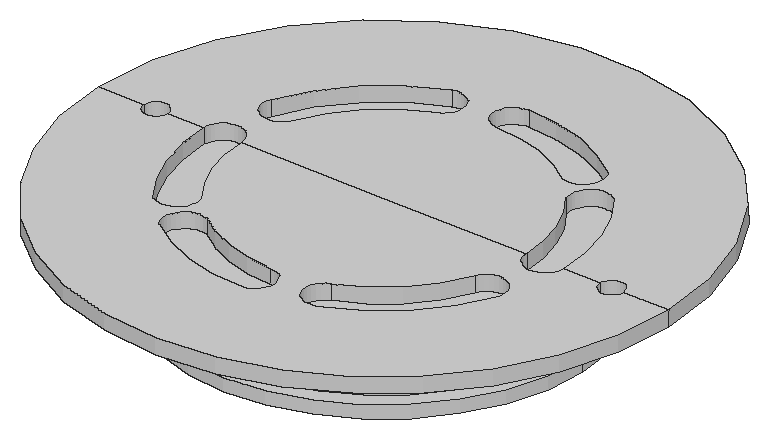
Revit family "Grate-Floor_Drain-Whitehall-BestCare-WHDG-SS_Series", category Plumbing Fixtures, Revit 2019
Family settings
  Round Connector Dimension = Use Diameter
  Part Type = Normal
  OmniClass Number = 23.70.50.21.24
  OmniClass Title = Waste Water Drains
  Work Plane-Based = Yes
  Always vertical = No
  Cut with Voids When Loaded = No
  Shared = Yes
  Room Calculation Point = No
Parameters (values of type "WHDG-5RD-SS")
  Waste Connection = no
  Vent Connection = no
  URL = "https://www.whitehallmfg.com/home"
  Type Comments = "Appropriate for Poured Finished Floors.For use in JR SMITH Floor Drains."
  Product Page URL = "https://www.whitehallmfg.com/product.aspx?ProductId=1083"
  Product Documentation Link = "https://www.whitehallmfg.com/uploads/fileLibrary/WHDG-SS.pdf"
  Model = "WHDG-5RD-SS"
  Material = "Metal-Whitehall-Stainless Steel"
  Manufacturer = "Whitehall Mfg."  # constant formula
  Keynote = "5” Round Stn Stl Floor Drain Grate Only"
  Installation Type = "Floor Mounted"
  Height = 3/4"
  HW Connection = no
  Finish = Metal-Whitehall-Stainless Steel
  Diameter = 5"
  Description = "BestCare® Ligature-Resistant Floor Drain Grate - Stainless Steel"  # constant formula
  Default Elevation = 0"
  Creation Date = "08/15/2023"  # constant formula
  CW Connection = no
  Assembly Code = "D2030300"
Types (3): name | Model | Keynote | Diameter
  (no name) | "WHDG-5RD-SS" | "5” Round Stn Stl Floor Drain Grate Only" | 5"
  WHDG-5RD-SS | "WHDG-5RD-SS" | "5” Round Stn Stl Floor Drain Grate Only" | 5"
  WHDG-6RD-SS | "WHDG-6RD-SS" | "6” Round Stn Stl Floor Drain Grate Only" | 6"
Reference planes (in)
  plane 1 "Center (Front/Back)": y = 0
  plane 2: z = 0
  plane 3 "Center (Left/Right)": x = 0
  plane 4: z = 5.90551
  plane 5: x = -2.5
  plane 6: x = 2.5
  plane 7: z = -0.75
  plane 8: x = -2
  plane 9: x = 2
Forms (in)
  Revolve 1, solid, material "Metal-Whitehall-Stainless Steel" <- "Finish"
    sketch origin (0, 0, 0) x (1, 0, 0) y (0, 0, 1)
      loop
        line (-2.5, 0) -> (-2.5, -0.13055) -> (-1.8607, -0.13055)
        arc (-1.8607, -0.13055) -> (-1.68393, -0.20377) -> (-1.6107, -0.38055) r 0.25
        line (-1.6107, -0.38055) -> (-1.6107, -0.63918) -> (-1.75, -0.63918) -> (-1.75, -0.75) -> (0, -0.75) -> (0, 0) -> (-2.5, 0)
      axis (0, 0) -> (0, -0.75)
    angle from 0 to 360
  Extrusion 2, void
    sketch origin (-0.50014, 0, 0) x (1, 0, 0) y (0, 1, 0)
      loop
        arc (1.28186, 0.97602) -> (1.47908, 1.03992) -> (1.47843, 1.24723) r 0.17587
        arc (1.47843, 1.24723) -> (1.01762, 1.49834) -> (0.50005, 1.58504) r 1.58334
        arc (0.50005, 1.58504) -> (0.33361, 1.41847) -> (0.50014, 1.25198) r 0.16653
        arc (0.50014, 1.25198) -> (0.91454, 1.1807) -> (1.28186, 0.97602) r 1.25
      loop
        arc (-0.66052, 0.46187) -> (-0.38208, 0.88587) -> (0.04192, 1.16431) r 1.25
        arc (0.04192, 1.16431) -> (0.12959, 1.37825) -> (-0.08035, 1.4751) r 0.16714
        arc (-0.08035, 1.4751) -> (-0.61596, 1.12555) -> (-0.96958, 0.59263) r 1.58333
        arc (-0.96958, 0.59263) -> (-0.8784, 0.37581) -> (-0.66052, 0.46187) r 0.16714
      loop
        arc (0.95832, -1.15697) -> (0.87226, -1.37485) -> (1.08907, -1.46603) r 0.16714
        arc (1.08907, -1.46603) -> (1.622, -1.11241) -> (1.97155, -0.5768) r 1.58333
        arc (1.97155, -0.5768) -> (1.8747, -0.36686) -> (1.66076, -0.45453) r 0.16714
        arc (1.66076, -0.45453) -> (1.38232, -0.87853) -> (0.95832, -1.15697) r 1.25
      loop
        arc (1.4691, 0.78878) -> (1.67378, 0.42146) -> (1.74506, 0.00704) r 1.25
        arc (1.74506, 0.00704) -> (1.91154, -0.15948) -> (2.07812, 0.00695) r 0.16653
        arc (2.07812, 0.00695) -> (1.99142, 0.52454) -> (1.74031, 0.98537) r 1.58333
        arc (1.74031, 0.98537) -> (1.53299, 0.98601) -> (1.4691, 0.78878) r 0.17587
      loop
        arc (-0.47223, -0.77807) -> (-0.67691, -0.41074) -> (-0.74819, 0.00367) r 1.25
        arc (-0.74819, 0.00367) -> (-0.91467, 0.1702) -> (-1.08125, 0.00376) r 0.16653
        arc (-1.08125, 0.00376) -> (-0.99455, -0.51383) -> (-0.74344, -0.97465) r 1.58333
        arc (-0.74344, -0.97465) -> (-0.53612, -0.9753) -> (-0.47223, -0.77807) r 0.17587
      loop
        arc (-0.28499, -0.96531) -> (-0.48222, -1.0292) -> (-0.48157, -1.23652) r 0.17587
        arc (-0.48157, -1.23652) -> (-0.02075, -1.48763) -> (0.49684, -1.57432) r 1.58333
        arc (0.49684, -1.57432) -> (0.66328, -1.40775) -> (0.49675, -1.24127) r 0.16653
        arc (0.49675, -1.24127) -> (0.08234, -1.16999) -> (-0.28499, -0.96531) r 1.25
      loop
        circle (-1.49986, 0) r 0.10288
      loop
        circle (2.50014, 0) r 0.10288
    from -0.13055 to 0
Cuts and joins
  Extrusion 2 cuts Revolve 1
Lines and regions (in)
  Masking region 1
    outline origin (0, 0, 0) x (1, 0, 0) y (0, 1, 0)
      loop
        circle (0, 0) r 2.5
  symbolic lines, detail levels medium+fine
    curve 1: circle (0, 0, 0) r 1.75 normal (0, 0, -1)
    curve 26: circle (-2, 0, 0) r 0.10288 normal (0, 0, 1)
    curve 27: circle (2, 0, 0) r 0.10288 normal (0, 0, 1)
  symbolic lines, detail levels fine
    curve 2: arc (0.58892, -1.46557, 0) -> (0.37205, -1.3754, 0) -> (0.45832, -1.15696, 0) r 0.16758
    curve 3: arc (0.45832, -1.15696, 0) -> (0.88233, -0.87851, 0) -> (1.16078, -0.45449, 0) r 1.25
    curve 4: arc (1.16078, -0.45449, 0) -> (1.37444, -0.3669, 0) -> (1.47125, -0.57654, 0) r 0.16696
    curve 5: arc (1.47125, -0.57654, 0) -> (1.12175, -1.11203, 0) -> (0.58892, -1.46557, 0) r 1.58309
    curve 6: arc (1.24506, 0.00704, 0) -> (1.41154, -0.15948, 0) -> (1.57812, 0.00695, 0) r 0.16653
    curve 7: arc (1.57812, 0.00695, 0) -> (1.49142, 0.52454, 0) -> (1.24031, 0.98537, 0) r 1.58333
    curve 8: arc (1.24031, 0.98537, 0) -> (1.03299, 0.98601, 0) -> (0.9691, 0.78878, 0) r 0.17587
    curve 9: arc (0.9691, 0.78878, 0) -> (1.17378, 0.42146, 0) -> (1.24506, 0.00704, 0) r 1.25
    curve 10: arc (0.97843, 1.24723, 0) -> (0.97908, 1.03992, 0) -> (0.78186, 0.97602, 0) r 0.17587
    curve 11: arc (0.78186, 0.97602, 0) -> (0.41454, 1.1807, 0) -> (0.00014, 1.25198, 0) r 1.25
    curve 12: arc (0.00014, 1.25198, 0) -> (-0.16639, 1.41847, 0) -> (0.00005, 1.58504, 0) r 0.16653
    curve 13: arc (0.00005, 1.58504, 0) -> (0.51762, 1.49834, 0) -> (0.97843, 1.24723, 0) r 1.58334
    curve 14: arc (-0.58009, 1.4748, 0) -> (-0.37045, 1.37799, 0) -> (-0.45805, 1.16433, 0) r 0.16696
    curve 15: arc (-0.45805, 1.16433, 0) -> (-0.88206, 0.88588, 0) -> (-1.16051, 0.46188, 0) r 1.25
    curve 16: arc (-1.16051, 0.46188, 0) -> (-1.37895, 0.3756, 0) -> (-1.46912, 0.59247, 0) r 0.16758
    curve 17: arc (-1.46912, 0.59247, 0) -> (-1.11558, 1.1253, 0) -> (-0.58009, 1.4748, 0) r 1.58309
    curve 18: arc (-1.24819, 0.00367, 0) -> (-1.41467, 0.1702, 0) -> (-1.58125, 0.00376, 0) r 0.16653
    curve 19: arc (-1.58125, 0.00376, 0) -> (-1.49455, -0.51383, 0) -> (-1.24344, -0.97465, 0) r 1.58333
    curve 20: arc (-1.24344, -0.97465, 0) -> (-1.03612, -0.9753, 0) -> (-0.97223, -0.77807, 0) r 0.17587
    curve 21: arc (-0.97223, -0.77807, 0) -> (-1.17691, -0.41074, 0) -> (-1.24819, 0.00367, 0) r 1.25
    curve 22: arc (-0.98157, -1.23652, 0) -> (-0.98222, -1.0292, 0) -> (-0.78499, -0.96531, 0) r 0.17587
    curve 23: arc (-0.78499, -0.96531, 0) -> (-0.41766, -1.16999, 0) -> (-0.00325, -1.24127, 0) r 1.25
    curve 24: arc (-0.00325, -1.24127, 0) -> (0.16328, -1.40775, 0) -> (-0.00316, -1.57432, 0) r 0.16653
    curve 25: arc (-0.00316, -1.57432, 0) -> (-0.52075, -1.48763, 0) -> (-0.98157, -1.23652, 0) r 1.58333
Dimensions and locks (in)
  equal spacing: plane 5, plane 3 "Center (Left/Right)", plane 6
  "Diameter": plane 5 to plane 6
  "Height": level to plane 7
  locked: plane 8 to plane 9 at 4
  aligned and locked: Revolve 1 sketch curve to plane 7
  aligned and locked: plane 5 to Revolve 1 sketch curve
  aligned and locked: plane 2 to Revolve 1 sketch curve
  aligned and locked: Masking region 1 sketch curve to Revolve 1
  aligned and locked: curve 26 to cut or joined group of Revolve 1, Extrusion 2
  aligned and locked: curve 27 to cut or joined group of Revolve 1, Extrusion 2
Automatic sketch dimensions
  Revolve 1 sketch curve to plane 3 "Center (Left/Right)" = 0"  (x2)
  Revolve 1 sketch curve to plane 5 = 0.6393"
  Revolve 1 sketch curve to Revolve 1 sketch curve = 0.1107"
  Revolve 1 sketch curve to Revolve 1 sketch curve = 1/4"
  Revolve 1 sketch curve to Revolve 1 sketch curve = 0.11082"
  Revolve 1 sketch curve to Revolve 1 sketch curve = 0.25864"
  Revolve 1 sketch curve to plane 7 = 0.72091"
  Revolve 1 sketch curve to plane 4 = 4 3/4"
  plane 1 "Center (Front/Back)" to Extrusion 2 sketch curve = 0"  (x2)
  Extrusion 2 sketch curve to plane 3 "Center (Left/Right)" = 0"
  Extrusion 2 sketch curve to plane 3 "Center (Left/Right)" = 0.00079"
  Extrusion 2 sketch curve to Extrusion 2 sketch curve = 0.00091"  (x3)
  Extrusion 2 sketch curve to plane 3 "Center (Left/Right)" = 0.0017"  (x2)
  Extrusion 2 sketch curve to Extrusion 2 sketch curve = 0.00029"
  Extrusion 2 sketch curve to plane 3 "Center (Left/Right)" = 0.00339"  (x2)
  Extrusion 2 sketch curve to Extrusion 2 sketch curve = 0.00246"  (x5)
  Extrusion 2 sketch curve to Extrusion 2 sketch curve = 0.00337"  (x2)
  Extrusion 2 sketch curve to Extrusion 2 sketch curve = 0.0012"  (x2)
  Extrusion 2 sketch curve to plane 3 "Center (Left/Right)" = 0.52609"
  Extrusion 2 sketch curve to Extrusion 2 sketch curve = 0.29952"  (x4)
  Extrusion 2 sketch curve to plane 1 "Center (Front/Back)" = 0.00367"
  Extrusion 2 sketch curve to Extrusion 2 sketch curve = 0.10146"  (x2)
  Extrusion 2 sketch curve to Extrusion 2 sketch curve = 0.58514"
  plane 3 "Center (Left/Right)" to Extrusion 2 sketch curve = 0.00074"
  plane 3 "Center (Left/Right)" to Extrusion 2 sketch curve = 0.00167"
  Extrusion 2 sketch curve to Extrusion 2 sketch curve = 0.00093"
  Extrusion 2 sketch curve to Extrusion 2 sketch curve = 0.00028"  (x3)
  Extrusion 2 sketch curve to plane 1 "Center (Front/Back)" = 0.00704"
  Extrusion 2 sketch curve to Extrusion 2 sketch curve = 0.09808"  (x2)
  Extrusion 2 sketch curve to Extrusion 2 sketch curve = 0.58855"
  plane 1 "Center (Front/Back)" to Extrusion 2 sketch curve = 0.5224"
  Extrusion 2 sketch curve to plane 3 "Center (Left/Right)" = 0.00009"
  Extrusion 2 sketch curve to Extrusion 2 sketch curve = 0"  (x3)
  Extrusion 2 sketch curve to plane 3 "Center (Left/Right)" = 0.0033"
  Extrusion 2 sketch curve to Extrusion 2 sketch curve = 0.06788"  (x4)
  Extrusion 2 sketch curve to Extrusion 2 sketch curve = 0.0544"
  Extrusion 2 sketch curve to Extrusion 2 sketch curve = 0.05483"  (x2)
  Extrusion 2 sketch curve to Extrusion 2 sketch curve = 0.16711"  (x2)
  Extrusion 2 sketch curve to Extrusion 2 sketch curve = 0.15274"  (x3)
  Extrusion 2 sketch curve to Extrusion 2 sketch curve = 0.1041"  (x2)
  Extrusion 2 sketch curve to Extrusion 2 sketch curve = 0.16653"  (x2)
  Extrusion 2 sketch curve to Extrusion 2 sketch curve = 0.15507"
  Extrusion 2 sketch curve to Extrusion 2 sketch curve = 0.00125"
  Extrusion 2 sketch curve to Extrusion 2 sketch curve = 0.06238"
  Extrusion 2 sketch curve to Extrusion 2 sketch curve = 0.0005"
  Extrusion 2 sketch curve to Extrusion 2 sketch curve = 0.05482"
  Extrusion 2 sketch curve to Extrusion 2 sketch curve = 0.15804"
  plane 1 "Center (Front/Back)" to curve 1 = 0"
  curve 1 to plane 3 "Center (Left/Right)" = 0"
  curve 18 to plane 1 "Center (Front/Back)" = 0.00367"
  curve 18 to plane 8 = 0.58528"
  curve 18 to curve 16 = 0.10107"
  curve 20 to plane 8 = 0.86066"
  curve 20 to curve 22 = 0.29952"
  curve 14 to plane 3 "Center (Left/Right)" = 0.52583"
  curve 7 to plane 3 "Center (Left/Right)" = 0.00522"
  curve 7 to curve 9 = 0.00028"
  curve 7 to curve 25 = 0.0012"  (x2)
  curve 24 to plane 3 "Center (Left/Right)" = 0.00325"  (x2)
  curve 5 to plane 3 "Center (Left/Right)" = 0.00189"
  curve 23 to plane 3 "Center (Left/Right)" = 0.00157"
  curve 5 to curve 11 = 0.00033"
  curve 3 to plane 3 "Center (Left/Right)" = 0.00156"
  curve 17 to plane 3 "Center (Left/Right)" = 0.0004"
  plane 3 "Center (Left/Right)" to curve 12 = 0.00014"
  plane 3 "Center (Left/Right)" to curve 13 = 0.00087"
  plane 3 "Center (Left/Right)" to curve 21 = 0.00181"
  curve 13 to curve 15 = 0.00095"
  curve 15 to curve 19 = 0.00027"
  curve 10 to curve 8 = 0.29952"
  curve 6 to plane 1 "Center (Front/Back)" = 0.00704"
  curve 4 to curve 6 = 0.09823"
  plane 1 "Center (Front/Back)" to curve 4 = 0.52228"
  curve 22 to curve 20 = 0.29952"
  curve 24 to curve 2 = 0.0977"
  curve 17 to curve 13 = 0.00004"
  curve 17 to curve 11 = 0.00033"
  curve 13 to curve 15 = 0.00029"
  curve 15 to curve 19 = 0.00091"
  curve 11 to curve 5 = 0.00116"
  curve 5 to curve 9 = 0.00221"
  curve 19 to curve 21 = 0.00246"
  curve 5 to curve 3 = 0.00222"
  curve 9 to curve 7 = 0.00246"
  curve 3 to curve 23 = 0.00336"
  curve 8 to curve 10 = 0.29952"
  curve 14 to curve 12 = 0.10161"
  curve 18 to plane 1 "Center (Front/Back)" = 0.00376"
  curve 19 to curve 18 = 0"
  curve 16 to curve 16 = 0.15547"
  curve 17 to curve 16 = 0"
  curve 19 to curve 20 = 0.1041"
  curve 16 to curve 15 = 0.15314"
  curve 22 to curve 22 = 0.14175"
  curve 22 to curve 23 = 0.05483"
  curve 17 to curve 14 = 0.05426"
  curve 24 to plane 3 "Center (Left/Right)" = 0.00316"
  plane 3 "Center (Left/Right)" to curve 13 = 0.00005"
  curve 12 to curve 13 = 0"
  curve 3 to curve 2 = 0.06805"
  curve 2 to curve 2 = 0.06254"
  curve 5 to curve 2 = 0"
  curve 11 to curve 10 = 0.05482"
  curve 9 to curve 8 = 0.16711"
  curve 4 to curve 4 = 0.15258"
  curve 8 to curve 8 = 0.1041"
  curve 6 to curve 6 = 0.16653"
  Extrusion 2 sketch curve to plane 8 = 0"
  Extrusion 2 sketch curve to plane 1 "Center (Front/Back)" = 0.52974"
  Extrusion 2 sketch curve to Extrusion 2 sketch curve = 0.83655"
  Extrusion 2 sketch curve to Extrusion 2 sketch curve = 0.10886"
  Extrusion 2 sketch curve to Extrusion 2 sketch curve = 0.27538"
  Extrusion 2 sketch curve to plane 9 = 0"
  plane 3 "Center (Left/Right)" to Extrusion 2 sketch curve = 0.52606"
  Extrusion 2 sketch curve to Extrusion 2 sketch curve = 0.25083"
  plane 1 "Center (Front/Back)" to Extrusion 2 sketch curve = 0.8329"
  curve 14 to curve 17 = 0.15789"
  plane 3 "Center (Left/Right)" to curve 2 = 0.52638"
  plane 1 "Center (Front/Back)" to curve 20 = 0.8329"
  curve 2 to curve 4 = 0.78782"
  curve 16 to plane 1 "Center (Front/Back)" = 0.52993"
  curve 11 to curve 10 = 0.83655"
  curve 4 to curve 27 = 0.68664"
  curve 17 to plane 1 "Center (Front/Back)" = 0.00166"
  curve 8 to curve 8 = 0.05483"
  radius of Extrusion 2 sketch curve = 0.10288"  (x2)
  radius of curve 1 = 1 3/4"
